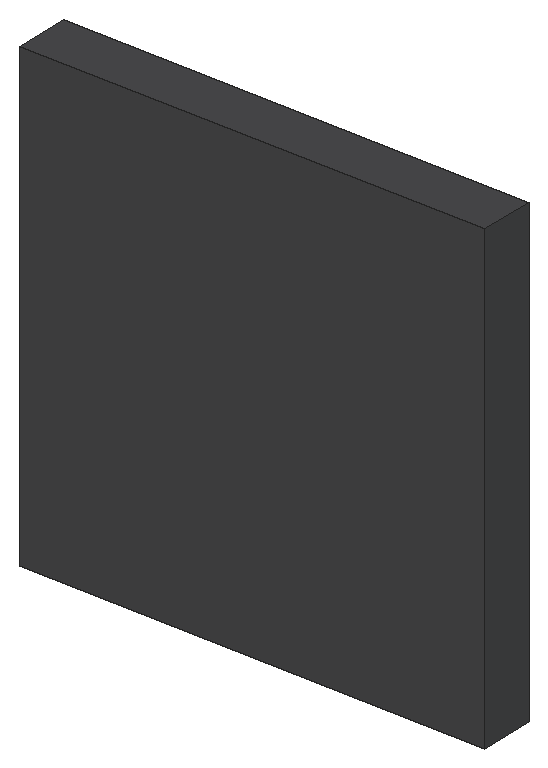
Revit family "Pantalla Modelo ES", category Luminarias, Revit 2019
Family settings
  Cota de conector redondo = Diámetro de uso
  Tipo de pieza = Normal
  Se basa en plano de trabajo = Sí
  Siempre vertical = No
  Corte con vacíos al cargar = No
  Origen de luz = No
  Compartido = No
  Punto de cálculo de habitación = No
Parameters (values of type "Pantalla Modelo ES_ES9100W.1")
  Zone [instance] = ""
  Watt per fixture = 100
  Keynote = ""
  Modulo largo = 600 mm
  Modulo alto = 600 mm
  Modelo = "ES9100W.1"
  Lámpara = "SMD"
  Fabricante = "BRILLANT"
  Espesor = 70 mm
  Default Elevation = 0 mm
  Descripción = "PANTALLA MODELO ES9, PIXEL PITCH 9.3MM, RESOLUCION DE PANEL 64X64 DOTS, CANTIDAD/PANEL 4096 DOTS, CONFIGURACION DE PIXEL SMD 3 EN 1, BRILLO 3000-5000 NITS, ACTUALIZACION 2000Hz, ESCALA DE GRISES 16BITS, AJUSTE DE BRILLO 256 NIVELES, CONTRASTE 1000:1, DIMENSION DEL PANEL 600X600X70MM, PANEL 0.36M2, PESO DEL PANEL 8kg, CONSUMO DE ENERGIA DE 100W, ANGULO DE VISUALIZACION 140/120 GRADOS, TRANSPARENCIA 35%, DISTNACIA DE VISUALIZACION 9M, ANGULO DE ROTACION MAS-MENOS 15 GRADOS, PUNTO DE CONTROL <0.0002, DURACION DE LAS LUCES (50% BRILLO) >50,000 HORAS, TEMPERATURA DE OPERACIÓN 10-90%, HUMEDAD RELATIVA 10-90%, IP 65, VOLTAJE AC 100-240V/50-60Hz, MODO DE ENTRADA CORRIENTE CONSTANTE, SISTEMA OPERATIVO: WINDOWS 2000/XP/VISTA/WINDOWS 7, TIPO DE SEÑAL: AV/S-VIDEO/VGA/CVBS/HDMI/DVI/SDI, CONTROL DE DISTANCIA HSYV <100M."
  Comentarios de vataje = "100-240V"
  Circuit [instance] = ""
Types (3, lengths in mm): name | Modelo | Descripción
  Pantalla Modelo ES_ES6100W.1 | "ES6100W.1" | "PANTALLA MODELO ES6, PIXEL PITCH 6.25MM, RESOLUCION DE PANEL 96X96 DOTS, CANTIDAD/PANEL 9216 DOTS, CONFIGURACION DE PIXEL SMD 3 EN 1, BRILLO 3000-5000 NITS, ACTUALIZACION 2000Hz, ESCALA DE GRISES 16BITS, AJUSTE DE BRILLO 256 NIVELES, CONTRASTE 1000:1, DIMENSION DEL PANEL 600X600X70MM, PANEL 0.36M2, PESO DEL PANEL 8kg, CONSUMO DE ENERGIA DE 100W, ANGULO DE VISUALIZACION 140/120 GRADOS, TRANSPARENCIA 20%, DISTNACIA DE VISUALIZACION 6M, ANGULO DE ROTACION MAS-MENOS 15 GRADOS, PUNTO DE CONTROL <0.0002, DURACION DE LAS LUCES (50% BRILLO) >50,000 HORAS, TEMPERATURA DE OPERACIÓN 10-90%, HUMEDAD RELATIVA 10-90%, IP 65, VOLTAJE AC 100-240V/50-60Hz, MODO DE ENTRADA CORRIENTE CONSTANTE, SISTEMA OPERATIVO: WINDOWS 2000/XP/VISTA/WINDOWS 7, TIPO DE SEÑAL: AV/S-VIDEO/VGA/CVBS/HDMI/DVI/SDI, CONTROL DE DISTANCIA HSYV <100M."
  Pantalla Modelo ES_ES9100W.1 | "ES9100W.1" | "PANTALLA MODELO ES9, PIXEL PITCH 9.3MM, RESOLUCION DE PANEL 64X64 DOTS, CANTIDAD/PANEL 4096 DOTS, CONFIGURACION DE PIXEL SMD 3 EN 1, BRILLO 3000-5000 NITS, ACTUALIZACION 2000Hz, ESCALA DE GRISES 16BITS, AJUSTE DE BRILLO 256 NIVELES, CONTRASTE 1000:1, DIMENSION DEL PANEL 600X600X70MM, PANEL 0.36M2, PESO DEL PANEL 8kg, CONSUMO DE ENERGIA DE 100W, ANGULO DE VISUALIZACION 140/120 GRADOS, TRANSPARENCIA 35%, DISTNACIA DE VISUALIZACION 9M, ANGULO DE ROTACION MAS-MENOS 15 GRADOS, PUNTO DE CONTROL <0.0002, DURACION DE LAS LUCES (50% BRILLO) >50,000 HORAS, TEMPERATURA DE OPERACIÓN 10-90%, HUMEDAD RELATIVA 10-90%, IP 65, VOLTAJE AC 100-240V/50-60Hz, MODO DE ENTRADA CORRIENTE CONSTANTE, SISTEMA OPERATIVO: WINDOWS 2000/XP/VISTA/WINDOWS 7, TIPO DE SEÑAL: AV/S-VIDEO/VGA/CVBS/HDMI/DVI/SDI, CONTROL DE DISTANCIA HSYV <100M."
  Pantalla Modelo ES_ES12100W.1 | "ES12100W.1" | "PANTALLA MODELO ES12, PIXEL PITCH 12.5MM, RESOLUCION DE PANEL 48X48 DOTS, CANTIDAD/PANEL 2304 DOTS, CONFIGURACION DE PIXEL SMD 3 EN 1, BRILLO 3000-5000 NITS, ACTUALIZACION 2000Hz, ESCALA DE GRISES 16BITS, AJUSTE DE BRILLO 256 NIVELES, CONTRASTE 1000:1, DIMENSION DEL PANEL 600X600X70MM, PANEL 0.36M2, PESO DEL PANEL 8kg, CONSUMO DE ENERGIA DE 100W, ANGULO DE VISUALIZACION 140/120 GRADOS, TRANSPARENCIA 45%, DISTNACIA DE VISUALIZACION 12M, ANGULO DE ROTACION MAS-MENOS 15 GRADOS, PUNTO DE CONTROL <0.0002, DURACION DE LAS LUCES (50% BRILLO) >50,000 HORAS, TEMPERATURA DE OPERACIÓN 10-90%, HUMEDAD RELATIVA 10-90%, IP 65, VOLTAJE AC 100-240V/50-60Hz, MODO DE ENTRADA CORRIENTE CONSTANTE, SISTEMA OPERATIVO: WINDOWS 2000/XP/VISTA/WINDOWS 7, TIPO DE SEÑAL: AV/S-VIDEO/VGA/CVBS/HDMI/DVI/SDI, CONTROL DE DISTANCIA HSYV <100M."
Reference planes
  plane 1 "Centro (Frontal/Posterior)": y = 0
  plane 2: z = 0
  plane 3 "Centro (Izquierda/Derecha)": x = 0
  plane 4: z = -600
  plane 5: x = -300
  plane 6: x = 300
  plane 7: y = 70
Forms (mm)
  Extrusion 1, solid, material "Plastico"
    sketch origin (0, 0, 0) x (1, 0, 0) y (0, 1, 0)
      loop
        line (-300, 0) -> (300, 0) -> (300, 70) -> (-300, 70) -> (-300, 0)
    from 0 to -600
  Revolve 2, solid, material "Cristal", not visible
    sketch origin (-152, 0, 0) x (0, 1, 0) y (0, 0, -1)
      loop
        line (0, -8.749) -> (0, -7.25) -> (-1.499, -7.25)
        arc (-1.499, -7.25) -> (-1.06, -8.31) -> (0, -8.749) r 1.499
      axis (0, -7.25) -> (-1.499, -7.25)
    angle from 0 to 360
  Revolve 3, solid, material "Cristal", not visible
    sketch origin (-136, 0, 0) x (0, 1, 0) y (0, 0, -1)
      loop
        line (0, -8.749) -> (0, -7.25) -> (-1.499, -7.25)
        arc (-1.499, -7.25) -> (-1.06, -8.31) -> (0, -8.749) r 1.499
      axis (0, -7.25) -> (-1.499, -7.25)
    angle from 0 to 360
  Revolve 4, solid, material "Cristal", not visible
    sketch origin (-120, 0, 0) x (0, 1, 0) y (0, 0, -1)
      loop
        line (0, -8.749) -> (0, -7.25) -> (-1.499, -7.25)
        arc (-1.499, -7.25) -> (-1.06, -8.31) -> (0, -8.749) r 1.499
      axis (0, -7.25) -> (-1.499, -7.25)
    angle from 0 to 360
  Revolve 5, solid, material "Cristal", not visible
    sketch origin (-104, 0, 0) x (0, 1, 0) y (0, 0, -1)
      loop
        line (0, -8.749) -> (0, -7.25) -> (-1.499, -7.25)
        arc (-1.499, -7.25) -> (-1.06, -8.31) -> (0, -8.749) r 1.499
      axis (0, -7.25) -> (-1.499, -7.25)
    angle from 0 to 360
  Revolve 6, solid, material "Cristal", not visible
    sketch origin (-88, 0, 0) x (0, 1, 0) y (0, 0, -1)
      loop
        line (0, -8.749) -> (0, -7.25) -> (-1.499, -7.25)
        arc (-1.499, -7.25) -> (-1.06, -8.31) -> (0, -8.749) r 1.499
      axis (0, -7.25) -> (-1.499, -7.25)
    angle from 0 to 360
  Revolve 7, solid, material "Cristal", not visible
    sketch origin (-72, 0, 0) x (0, 1, 0) y (0, 0, -1)
      loop
        line (0, -8.749) -> (0, -7.25) -> (-1.499, -7.25)
        arc (-1.499, -7.25) -> (-1.06, -8.31) -> (0, -8.749) r 1.499
      axis (0, -7.25) -> (-1.499, -7.25)
    angle from 0 to 360
  Revolve 8, solid, material "Cristal", not visible
    sketch origin (-56, 0, 0) x (0, 1, 0) y (0, 0, -1)
      loop
        line (0, -8.749) -> (0, -7.25) -> (-1.499, -7.25)
        arc (-1.499, -7.25) -> (-1.06, -8.31) -> (0, -8.749) r 1.499
      axis (0, -7.25) -> (-1.499, -7.25)
    angle from 0 to 360
  Revolve 9, solid, material "Cristal", not visible
    sketch origin (-40, 0, 0) x (0, 1, 0) y (0, 0, -1)
      loop
        line (0, -8.749) -> (0, -7.25) -> (-1.499, -7.25)
        arc (-1.499, -7.25) -> (-1.06, -8.31) -> (0, -8.749) r 1.499
      axis (0, -7.25) -> (-1.499, -7.25)
    angle from 0 to 360
  Revolve 10, solid, material "Cristal", not visible
    sketch origin (-24, 0, 0) x (0, 1, 0) y (0, 0, -1)
      loop
        line (0, -8.749) -> (0, -7.25) -> (-1.499, -7.25)
        arc (-1.499, -7.25) -> (-1.06, -8.31) -> (0, -8.749) r 1.499
      axis (0, -7.25) -> (-1.499, -7.25)
    angle from 0 to 360
  Revolve 11, solid, material "Cristal", not visible
    sketch origin (-8, 0, 0) x (0, 1, 0) y (0, 0, -1)
      loop
        line (0, -8.749) -> (0, -7.25) -> (-1.499, -7.25)
        arc (-1.499, -7.25) -> (-1.06, -8.31) -> (0, -8.749) r 1.499
      axis (0, -7.25) -> (-1.499, -7.25)
    angle from 0 to 360
  Revolve 12, solid, material "Cristal", not visible
    sketch origin (8, 0, 0) x (0, 1, 0) y (0, 0, -1)
      loop
        line (0, -8.749) -> (0, -7.25) -> (-1.499, -7.25)
        arc (-1.499, -7.25) -> (-1.06, -8.31) -> (0, -8.749) r 1.499
      axis (0, -7.25) -> (-1.499, -7.25)
    angle from 0 to 360
  Revolve 13, solid, material "Cristal", not visible
    sketch origin (24, 0, 0) x (0, 1, 0) y (0, 0, -1)
      loop
        line (0, -8.749) -> (0, -7.25) -> (-1.499, -7.25)
        arc (-1.499, -7.25) -> (-1.06, -8.31) -> (0, -8.749) r 1.499
      axis (0, -7.25) -> (-1.499, -7.25)
    angle from 0 to 360
  Revolve 14, solid, material "Cristal", not visible
    sketch origin (40, 0, 0) x (0, 1, 0) y (0, 0, -1)
      loop
        line (0, -8.749) -> (0, -7.25) -> (-1.499, -7.25)
        arc (-1.499, -7.25) -> (-1.06, -8.31) -> (0, -8.749) r 1.499
      axis (0, -7.25) -> (-1.499, -7.25)
    angle from 0 to 360
  Revolve 15, solid, material "Cristal", not visible
    sketch origin (56, 0, 0) x (0, 1, 0) y (0, 0, -1)
      loop
        line (0, -8.749) -> (0, -7.25) -> (-1.499, -7.25)
        arc (-1.499, -7.25) -> (-1.06, -8.31) -> (0, -8.749) r 1.499
      axis (0, -7.25) -> (-1.499, -7.25)
    angle from 0 to 360
  Revolve 16, solid, material "Cristal", not visible
    sketch origin (72, 0, 0) x (0, 1, 0) y (0, 0, -1)
      loop
        line (0, -8.749) -> (0, -7.25) -> (-1.499, -7.25)
        arc (-1.499, -7.25) -> (-1.06, -8.31) -> (0, -8.749) r 1.499
      axis (0, -7.25) -> (-1.499, -7.25)
    angle from 0 to 360
  Revolve 17, solid, material "Cristal", not visible
    sketch origin (88, 0, 0) x (0, 1, 0) y (0, 0, -1)
      loop
        line (0, -8.749) -> (0, -7.25) -> (-1.499, -7.25)
        arc (-1.499, -7.25) -> (-1.06, -8.31) -> (0, -8.749) r 1.499
      axis (0, -7.25) -> (-1.499, -7.25)
    angle from 0 to 360
  Revolve 18, solid, material "Cristal", not visible
    sketch origin (104, 0, 0) x (0, 1, 0) y (0, 0, -1)
      loop
        line (0, -8.749) -> (0, -7.25) -> (-1.499, -7.25)
        arc (-1.499, -7.25) -> (-1.06, -8.31) -> (0, -8.749) r 1.499
      axis (0, -7.25) -> (-1.499, -7.25)
    angle from 0 to 360
  Revolve 19, solid, material "Cristal", not visible
    sketch origin (120, 0, 0) x (0, 1, 0) y (0, 0, -1)
      loop
        line (0, -8.749) -> (0, -7.25) -> (-1.499, -7.25)
        arc (-1.499, -7.25) -> (-1.06, -8.31) -> (0, -8.749) r 1.499
      axis (0, -7.25) -> (-1.499, -7.25)
    angle from 0 to 360
  Revolve 20, solid, material "Cristal", not visible
    sketch origin (136, 0, 0) x (0, 1, 0) y (0, 0, -1)
      loop
        line (0, -8.749) -> (0, -7.25) -> (-1.499, -7.25)
        arc (-1.499, -7.25) -> (-1.06, -8.31) -> (0, -8.749) r 1.499
      axis (0, -7.25) -> (-1.499, -7.25)
    angle from 0 to 360
  Revolve 21, solid, material "Cristal", not visible
    sketch origin (152, 0, 0) x (0, 1, 0) y (0, 0, -1)
      loop
        line (0, -8.749) -> (0, -7.25) -> (-1.499, -7.25)
        arc (-1.499, -7.25) -> (-1.06, -8.31) -> (0, -8.749) r 1.499
      axis (0, -7.25) -> (-1.499, -7.25)
    angle from 0 to 360
Dimensions and locks
  equal spacing: plane 6, plane 3 "Centro (Izquierda/Derecha)", plane 5
  "Modulo largo": plane 6 to plane 5
  plane 3 "Centro (Izquierda/Derecha)" to plane 5 = 300 mm
  "Espesor": plane 1 "Centro (Frontal/Posterior)" to plane 7
  "Modulo alto": level to plane 4
  aligned and locked: plane 4 to Extrusion 1
  aligned and locked: plane 5 to Extrusion 1
  aligned and locked: Extrusion 1 to plane 6
  aligned and locked: Extrusion 1 to plane 7
  aligned and locked: level to plane 2
Automatic sketch dimensions
  Revolve 2 sketch curve to Revolve 2 sketch curve = 1.499 mm
  Revolve 2 sketch curve to Revolve 2 sketch curve = 3.099 mm
  Revolve 2 sketch curve to Revolve 2 sketch curve = 0 mm  (x2)
  Revolve 3 sketch curve to Revolve 3 sketch curve = 1.499 mm
  Revolve 3 sketch curve to Revolve 3 sketch curve = 3.099 mm
  Revolve 3 sketch curve to Revolve 3 sketch curve = 0 mm  (x2)
  Revolve 4 sketch curve to Revolve 4 sketch curve = 1.499 mm
  Revolve 4 sketch curve to Revolve 4 sketch curve = 3.099 mm
  Revolve 4 sketch curve to Revolve 4 sketch curve = 0 mm  (x2)
  Revolve 5 sketch curve to Revolve 5 sketch curve = 1.499 mm
  Revolve 5 sketch curve to Revolve 5 sketch curve = 3.099 mm
  Revolve 5 sketch curve to Revolve 5 sketch curve = 0 mm  (x2)
  Revolve 6 sketch curve to Revolve 6 sketch curve = 1.499 mm
  Revolve 6 sketch curve to Revolve 6 sketch curve = 3.099 mm
  Revolve 6 sketch curve to Revolve 6 sketch curve = 0 mm  (x2)
  Revolve 7 sketch curve to Revolve 7 sketch curve = 1.499 mm
  Revolve 7 sketch curve to Revolve 7 sketch curve = 3.099 mm
  Revolve 7 sketch curve to Revolve 7 sketch curve = 0 mm  (x2)
  Revolve 8 sketch curve to Revolve 8 sketch curve = 1.499 mm
  Revolve 8 sketch curve to Revolve 8 sketch curve = 3.099 mm
  Revolve 8 sketch curve to Revolve 8 sketch curve = 0 mm  (x2)
  Revolve 9 sketch curve to Revolve 9 sketch curve = 1.499 mm
  Revolve 9 sketch curve to Revolve 9 sketch curve = 3.099 mm
  Revolve 9 sketch curve to Revolve 9 sketch curve = 0 mm  (x2)
  Revolve 10 sketch curve to Revolve 10 sketch curve = 1.499 mm
  Revolve 10 sketch curve to Revolve 10 sketch curve = 3.099 mm
  Revolve 10 sketch curve to Revolve 10 sketch curve = 0 mm  (x2)
  Revolve 11 sketch curve to Revolve 11 sketch curve = 1.499 mm
  Revolve 11 sketch curve to Revolve 11 sketch curve = 3.099 mm
  Revolve 11 sketch curve to Revolve 11 sketch curve = 0 mm  (x2)
  Revolve 12 sketch curve to Revolve 12 sketch curve = 1.499 mm
  Revolve 12 sketch curve to Revolve 12 sketch curve = 3.099 mm
  Revolve 12 sketch curve to Revolve 12 sketch curve = 0 mm  (x2)
  Revolve 13 sketch curve to Revolve 13 sketch curve = 1.499 mm
  Revolve 13 sketch curve to Revolve 13 sketch curve = 3.099 mm
  Revolve 13 sketch curve to Revolve 13 sketch curve = 0 mm  (x2)
  Revolve 14 sketch curve to Revolve 14 sketch curve = 1.499 mm
  Revolve 14 sketch curve to Revolve 14 sketch curve = 3.099 mm
  Revolve 14 sketch curve to Revolve 14 sketch curve = 0 mm  (x2)
  Revolve 15 sketch curve to Revolve 15 sketch curve = 1.499 mm
  Revolve 15 sketch curve to Revolve 15 sketch curve = 3.099 mm
  Revolve 15 sketch curve to Revolve 15 sketch curve = 0 mm  (x2)
  Revolve 16 sketch curve to Revolve 16 sketch curve = 1.499 mm
  Revolve 16 sketch curve to Revolve 16 sketch curve = 3.099 mm
  Revolve 16 sketch curve to Revolve 16 sketch curve = 0 mm  (x2)
  Revolve 17 sketch curve to Revolve 17 sketch curve = 1.499 mm
  Revolve 17 sketch curve to Revolve 17 sketch curve = 3.099 mm
  Revolve 17 sketch curve to Revolve 17 sketch curve = 0 mm  (x2)
  Revolve 18 sketch curve to Revolve 18 sketch curve = 1.499 mm
  Revolve 18 sketch curve to Revolve 18 sketch curve = 3.099 mm
  Revolve 18 sketch curve to Revolve 18 sketch curve = 0 mm  (x2)
  Revolve 19 sketch curve to Revolve 19 sketch curve = 1.499 mm
  Revolve 19 sketch curve to Revolve 19 sketch curve = 3.099 mm
  Revolve 19 sketch curve to Revolve 19 sketch curve = 0 mm  (x2)
  Revolve 20 sketch curve to Revolve 20 sketch curve = 1.499 mm
  Revolve 20 sketch curve to Revolve 20 sketch curve = 3.099 mm
  Revolve 20 sketch curve to Revolve 20 sketch curve = 0 mm  (x2)
  Revolve 21 sketch curve to Revolve 21 sketch curve = 1.499 mm
  Revolve 21 sketch curve to Revolve 21 sketch curve = 3.099 mm
  Revolve 21 sketch curve to Revolve 21 sketch curve = 0 mm  (x2)
  Extrusion 1 sketch curve to plane 5 = 0 mm
  Extrusion 1 sketch curve to plane 6 = 0 mm
  plane 1 "Centro (Frontal/Posterior)" to Extrusion 1 sketch curve = 0 mm
  Extrusion 1 sketch curve to plane 7 = 0 mm
Connectors
  electrical at (0, 70, -300)
    settings: on Extrusion 1, index 1, voltage 240 V, apparent load 0 VA, apparent load phase1 0 VA, apparent load phase2 0 VA, apparent load phase3 0 VA, power factor 1, load classification "Otro", number of poles 1, system type 31, power factor state 1, is connector primary yes, connector utility no, sub classification motor no, connector description ""
